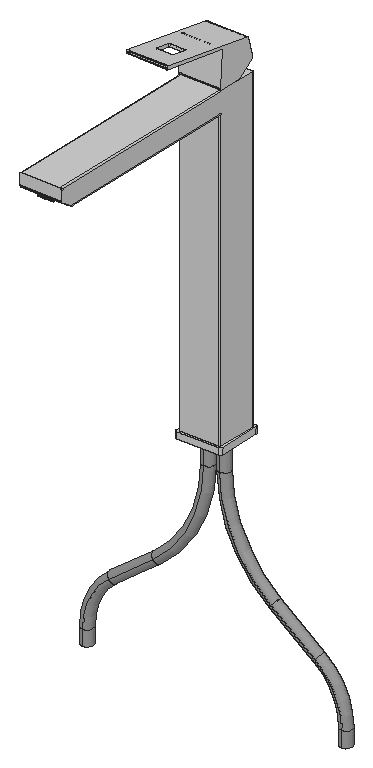
Revit family "Plumbing_Fixtures_Grohe_Eurocube_OHM_Single_Lever_Basin_Mixer_(XL)_23406000-14-METRIC1", category Plumbing Fixtures, host Face, Revit 2014
Parameters
  _distributed by = "www.bimstore.co.uk"
  _current revision = 1  # constant formula
  _created by = "Connor Laing"  # constant formula
  _BIMspec_GUID = 0
  Width = 180 mm
  Waste Connection = no
  WarrantyStartDate [instance] = ""
  WarrantyGuarantorParts = ""
  WarrantyGuarantorLabor = ""
  WarrantyDurationUnit = "Years"  # constant formula
  WarrantyDurationParts = ""
  WarrantyDurationLabor = ""
  WarrantyDescription = ""
  WFU = 0
  Vent Connection = no
  URL = "www.grohe.com"
  TypeName = Model  # "Eurocube OHM - Single Lever Basin Mixer Extra Large Size - 2340600"
  Type Comments = Description  # "Single Lever Basin Mixer Extra Large Size"
  TagNumber = ""
  SpareParts = ""
  Size = ""
  Shape = ""
  SerialNumber [instance] = ""
  ReplacementCost = ""
  ReferencedStandard = ""
  ProductionYear = ""
  Percentage of Recycled Content = ""
  Name = Model  # "Eurocube OHM - Single Lever Basin Mixer Extra Large Size - 2340600"
  NBSReference = "45-35-70/371"  # constant formula
  NBSObjectName = "Washbasin taps"  # constant formula
  NBSNote = ""
  NBSDescription = "Water supply fittings for wash basins and troughs"  # constant formula
  ModelNumber = "23406000"  # constant formula
  Model = "Eurocube OHM - Single Lever Basin Mixer Extra Large Size - 2340600"  # constant formula
  Material = "Chrome"  # constant formula
  Manufacturer = "Grohe"  # constant formula
  Low Emitting Material = no
  LEED Credit = ""
  Keynote = "N13"
  InstallationDate [instance] = ""
  Height = 312 mm
  HWFU = 0
  HW Connection = yes
  Grade = ""
  Finish = "Chrome"  # constant formula
  Features = ""
  Faucet Material = Grohe-Chrome
  Extidentifier = ""
  ExpectedLife = 0
  DurationUnit = "Years"  # constant formula
  DocumentationTechnical = "http://cdn08.grohe.com/lib/1/tpi/1848158.pdf"
  DocumentationLiterature = "http://cdn08.grohe.com/lib/1/tpi/1848158.pdf"
  DocumentationInstallationGuide = "http://cdn08.grohe.com/lib/1/tpi/1852290.pdf"
  DocumentationCertificates = "http://www.grohe.com/mt/11170/bathroom/bathroom-faucets/eurocube/product-details/?product=23406-G318&color=000&material=23406000"
  Description = "Single Lever Basin Mixer Extra Large Size"  # constant formula
  Default Elevation = 600 mm
  CreatedOn = "August 2015"  # constant formula
  CreatedBy = "info-uk@grohe.com"  # constant formula
  Cost = 0
  Contact Grohe = "GROHE Limited, World Business Centre 2, Newall Road, London Heathrow Airport, Hounslow, Middlesex, TW6 2SF - Tel: +44 (0) 871 200 3414 - Fax: +44 (0) 871 200 3415 - EMail: info-uk@grohe.com"  # constant formula
  Constituents = ""
  Color = "Chrome"  # constant formula
  CodePerformance = ""
  ClassificationValue = "Pr_40_20_87_98"  # constant formula
  ClassificationName = "Uniclass 2015"  # constant formula
  CWFU = 0
  CW Connection = yes
  BarCode [instance] = ""
  AssetType = "Fixed"  # constant formula
  AssetIdentifier [instance] = ""
  Assembly Code = "C1030220"
  AccessibilityPerformance = ""
Reference planes
  plane 1 "Center (Front/Back)": y = 0
  plane 2: z = 0
  plane 3 "Center (Left/Right)": x = 0
  plane 4: z = 0
  plane 5: z = 5
  plane 6: x = -19
  plane 7: x = 19
  plane 8: y = 19
  plane 9: y = -19
  plane 10: z = 247
  plane 11: z = 312
  plane 12: y = -180
Forms (mm)
  Sweep 1, solid, material "Grohe-Pipework"
    path in 3D
      loop
        line (6.875, 0, 0) -> (6.875, 0, -22.649)
        arc (6.875, 0, -22.649) -> (17.907, 0, -69.5) -> (48.684, 0, -106.506) r 105
        line (48.684, 0, -106.506) -> (84.804, 0, -133.724)
        arc (84.804, 0, -133.724) -> (100.926, 0, -153.108) -> (106.704, 0, -177.649) r 55
        line (106.704, 0, -177.649) -> (106.704, 0, -190.227)
    profile origin (6.875, 0, -11.324) x (0, -1, 0) y (1, 0, 0)
      loop
        circle (0, 0) r 4.75
  Sweep 2, solid, material "Grohe-Pipework"
    path in 3D
      loop
        line (-6.25, 0, 0) -> (-6.25, 0, -22.649)
        arc (-6.25, 0, -22.649) -> (-17.282, 0, -69.5) -> (-48.059, 0, -106.506) r 105
        line (-48.059, 0, -106.506) -> (-84.179, 0, -133.724)
        arc (-84.179, 0, -133.724) -> (-100.301, 0, -153.108) -> (-106.079, 0, -177.649) r 55
        line (-106.079, 0, -177.649) -> (-106.079, 0, -190.227)
    profile origin (-6.25, 0, -11.324) x (0, -1, 0) y (1, 0, 0)
      loop
        circle (0, 0) r 4.75
  Extrusion 3, solid, material "Grohe-Chrome" <- "Faucet Material"
    sketch origin (-84.72, -4572, 323.75) x (-1, 0, 0) y (0, -1, 0)
      loop
        arc (-67.72, -4591) -> (-66.306, -4590.414) -> (-65.72, -4589) r 2
        line (-65.72, -4589) -> (-65.72, -4555)
        arc (-65.72, -4555) -> (-66.306, -4553.586) -> (-67.72, -4553) r 2
        line (-67.72, -4553) -> (-101.72, -4553)
        arc (-101.72, -4553) -> (-103.135, -4553.586) -> (-103.72, -4555) r 2
        line (-103.72, -4555) -> (-103.72, -4589)
        arc (-103.72, -4589) -> (-103.135, -4590.414) -> (-101.72, -4591) r 2
        line (-101.72, -4591) -> (-67.72, -4591)
    from -323.75 to -318.75
  Extrusion 4, solid, material "Grohe-Chrome" <- "Faucet Material"
    sketch origin (-84.72, -4572, 323.75) x (-1, 0, 0) y (0, -1, 0)
      loop
        line (-100.72, -4589) -> (-68.72, -4589)
        arc (-68.72, -4589) -> (-68.013, -4588.707) -> (-67.72, -4588) r 1
        line (-67.72, -4588) -> (-67.72, -4556)
        arc (-67.72, -4556) -> (-68.013, -4555.293) -> (-68.72, -4555) r 1
        line (-68.72, -4555) -> (-100.72, -4555)
        arc (-100.72, -4555) -> (-101.427, -4555.293) -> (-101.72, -4556) r 1
        line (-101.72, -4556) -> (-101.72, -4588)
        arc (-101.72, -4588) -> (-101.427, -4588.707) -> (-100.72, -4589) r 1
    from -318.75 to -57.25
  Extrusion 5, solid, material "Grohe-Chrome" <- "Faucet Material"
    sketch origin (0, 0, 137.5) x (1, 0, 0) y (0, 0, 1)
      loop
        line (-17, 128) -> (-17, 112)
        arc (-17, 112) -> (-16.707, 111.293) -> (-16, 111) r 1
        line (-16, 111) -> (16, 111)
        arc (16, 111) -> (16.707, 111.293) -> (17, 112) r 1
        line (17, 112) -> (17, 128)
        arc (17, 128) -> (16.707, 128.707) -> (16, 129) r 1
        line (16, 129) -> (-16, 129)
        arc (-16, 129) -> (-16.707, 128.707) -> (-17, 128) r 1
    from 0 to 180
  Extrusion 6, void
    sketch origin (-138.469, -42.157, 137.5) x (0, 0, -1) y (0, -1, 0)
      loop
        arc (-117.73, 136.59) -> (-114.152, 131.753) -> (-111.104, 126.566) r 56.964
        arc (-111.104, 126.566) -> (-110.769, 125.672) -> (-110.655, 124.725) r 4
        line (-110.655, 124.725) -> (-110.655, 122.849) -> (-109, 122.849) -> (-109, 139.152) -> (-121.509, 139.152) -> (-121.509, 138.195)
        arc (-121.509, 138.195) -> (-119.423, 137.854) -> (-117.73, 136.59) r 4.452
    from -157.469 to -119.469
  Extrusion 7, solid, material "Grohe-Chrome" <- "Faucet Material"
    sketch origin (-138.469, 0, 136.25) x (0, 0, -1) y (0, -1, 0)
      loop
        arc (-142.238, -15.776) -> (-141.053, -15.729) -> (-140.102, -15.019) r 2
        line (-140.102, -15.019) -> (-131.069, -2.585)
        arc (-131.069, -2.585) -> (-130.785, -2.028) -> (-130.687, -1.41) r 2
        line (-130.687, -1.41) -> (-130.687, 15.77)
        arc (-130.687, 15.77) -> (-130.955, 16.38) -> (-131.586, 16.594) r 0.827
        line (-131.586, 16.594) -> (-159.519, 14.15)
        arc (-159.519, 14.15) -> (-159.969, 14.282) -> (-160.21, 14.684) r 0.644
        line (-160.21, 14.684) -> (-169.731, 70.538)
        arc (-169.731, 70.538) -> (-169.935, 70.863) -> (-170.31, 70.948) r 0.501
        line (-170.31, 70.948) -> (-171.472, 70.75)
        arc (-171.472, 70.75) -> (-171.819, 70.532) -> (-171.91, 70.132) r 0.535
        line (-171.91, 70.132) -> (-158.094, -10.924)
        arc (-158.094, -10.924) -> (-157.847, -11.43) -> (-157.367, -11.722) r 1
        line (-157.367, -11.722) -> (-142.238, -15.776)
    from -155.469 to -121.469
  Revolve 8, solid, material "Grohe-Chrome" <- "Faucet Material"
    sketch origin (0, 0, 137.5) x (1, 0, 0) y (0, 0, 1)
      loop
        line (0, 144) -> (0, 129) -> (15, 129)
        arc (15, 129) -> (10.607, 139.607) -> (0, 144) r 15
      axis (0, 144) -> (0, 129)
    angle from 0 to 360
  Extrusion 9, void
    sketch origin (-138.469, 11.556, 294.236) x (0, -0.985782, 0.168032) y (1, 0, 0)
      loop
        line (64.693, 145.469) -> (52.693, 145.469)
        arc (52.693, 145.469) -> (51.986, 145.176) -> (51.693, 144.469) r 1
        line (51.693, 144.469) -> (51.693, 132.469)
        arc (51.693, 132.469) -> (51.986, 131.762) -> (52.693, 131.469) r 1
        line (52.693, 131.469) -> (64.693, 131.469)
        arc (64.693, 131.469) -> (65.4, 131.762) -> (65.693, 132.469) r 1
        line (65.693, 132.469) -> (65.693, 144.469)
        arc (65.693, 144.469) -> (65.4, 145.176) -> (64.693, 145.469) r 1
    from -7.394 to 3.413
  Revolve 10, solid, material "Grohe-Chrome" <- "Faucet Material"
    sketch origin (0, -42.239, 137.367) x (0, 1, 0) y (0, 0, 1)
      loop
        line (-136.144, 118.531) -> (-137.43, 116.893) -> (-132.997, 113.41) -> (-131.824, 115.137) -> (-136.144, 118.531)
      axis (-131.61, 115.451) -> (-132.997, 113.41)
    angle from 0 to 360
Cuts and joins
  Extrusion 6 cuts Extrusion 5
  Extrusion 9 cuts Extrusion 7
  joined: Extrusion 3, Extrusion 4, Extrusion 5, Extrusion 7, Revolve 8, Revolve 10
Lines and regions (mm)
  sketch lines
    curve 1: line (6.875, 0, 0) -> (6.875, 0, -22.649)
    curve 2: arc (48.684, 0, -106.506) -> (17.907, 0, -69.5) -> (6.875, 0, -22.649) r 105
    curve 3: line (48.684, 0, -106.506) -> (84.804, 0, -133.724)
    curve 4: arc (106.704, 0, -177.649) -> (100.926, 0, -153.108) -> (84.804, 0, -133.724) r 55
    curve 5: line (106.704, 0, -177.649) -> (106.704, 0, -190.227)
    curve 6: line (-6.25, 0, 0) -> (-6.25, 0, -22.649)
    curve 7: arc (-48.059, 0, -106.506) -> (-17.282, 0, -69.5) -> (-6.25, 0, -22.649) r 105
    curve 8: line (-48.059, 0, -106.506) -> (-84.179, 0, -133.724)
    curve 9: arc (-106.079, 0, -177.649) -> (-100.301, 0, -153.108) -> (-84.179, 0, -133.724) r 55
    curve 10: line (-106.079, 0, -177.649) -> (-106.079, 0, -190.227)
Dimensions and locks
  equal spacing: plane 6, plane 3 "Center (Left/Right)", plane 7
  plane 6 to plane 7 = 38 mm
  equal spacing: plane 8, plane 1 "Center (Front/Back)", plane 9
  plane 8 to plane 9 = 38 mm
  plane 10 to host face = 247 mm
  plane 11 to host face = 312 mm
  plane 1 "Center (Front/Back)" to plane 12 = 180 mm
  aligned and locked: plane 2 to host face
  aligned and locked: level to host face
  aligned and locked: Revolve 8 sketch curve to plane 3 "Center (Left/Right)"
Automatic sketch dimensions
  host sketch curve to host sketch curve = 2438.4 mm  (x2)
  Sweep 1 sketch curve to profile plane = 0 mm
  profile plane to Sweep 1 sketch curve = 0 mm
  Sweep 2 sketch curve to profile plane = 0 mm
  profile plane to Sweep 2 sketch curve = 0 mm
  Extrusion 3 sketch curve to plane 7 = 0 mm
  Extrusion 3 sketch curve to plane 8 = 0 mm
  Extrusion 3 sketch curve to plane 9 = 0 mm
  Extrusion 3 sketch curve to plane 6 = 0 mm
  Extrusion 3 sketch curve to Extrusion 3 sketch curve = 2 mm
  Extrusion 3 sketch curve to plane 7 = 2 mm
  Extrusion 3 sketch curve to plane 6 = 2 mm  (x2)
  Extrusion 4 sketch curve to plane 7 = 2 mm
  Extrusion 4 sketch curve to Extrusion 4 sketch curve = 1 mm  (x3)
  Extrusion 4 sketch curve to plane 8 = 2 mm
  Extrusion 4 sketch curve to plane 6 = 3 mm  (x2)
  plane 9 to Extrusion 4 sketch curve = 3 mm
  Extrusion 5 sketch curve to plane 6 = 2 mm
  Extrusion 5 sketch curve to Extrusion 5 sketch curve = 1 mm  (x2)
  Extrusion 5 sketch curve to plane 7 = 3 mm  (x2)
  Extrusion 5 sketch curve to plane 7 = 2 mm
  Extrusion 5 sketch curve to Extrusion 5 sketch curve = 16 mm
  Extrusion 7 sketch curve to Extrusion 7 sketch curve = 0.09 mm  (x2)
  Extrusion 7 sketch curve to Extrusion 7 sketch curve = 1.163 mm
  Extrusion 7 sketch curve to Extrusion 7 sketch curve = 0.084 mm  (x2)
  Extrusion 7 sketch curve to Extrusion 7 sketch curve = 0.494 mm
  plane 9 to Extrusion 7 sketch curve = 4.316 mm
  Extrusion 7 sketch curve to Extrusion 7 sketch curve = 0.635 mm
  plane 9 to Extrusion 7 sketch curve = 4.85 mm
  Extrusion 7 sketch curve to Extrusion 7 sketch curve = 0.056 mm
  Extrusion 7 sketch curve to plane 8 = 7.278 mm
  Extrusion 7 sketch curve to Extrusion 7 sketch curve = 0.727 mm
  Extrusion 7 sketch curve to Extrusion 7 sketch curve = 0.259 mm
  Extrusion 7 sketch curve to plane 8 = 3.224 mm
  Extrusion 7 sketch curve to Extrusion 7 sketch curve = 15.128 mm
  Extrusion 7 sketch curve to Extrusion 7 sketch curve = 0.518 mm
  Extrusion 7 sketch curve to plane 8 = 3.981 mm
  Extrusion 7 sketch curve to Extrusion 7 sketch curve = 1.618 mm  (x2)
  Extrusion 7 sketch curve to plane 1 "Center (Front/Back)" = 1.41 mm
  Extrusion 7 sketch curve to Extrusion 7 sketch curve = 9.034 mm
  plane 9 to Extrusion 7 sketch curve = 2.406 mm
  Extrusion 7 sketch curve to Extrusion 7 sketch curve = 1.101 mm
  Extrusion 7 sketch curve to Extrusion 7 sketch curve = 0.072 mm
  Extrusion 7 sketch curve to plane 1 "Center (Front/Back)" = 2.585 mm
  Extrusion 7 sketch curve to Extrusion 7 sketch curve = 0.798 mm
  Extrusion 7 sketch curve to plane 9 = 51.132 mm
  Extrusion 7 sketch curve to Extrusion 7 sketch curve = 0.231 mm
  Revolve 8 sketch curve to plane 3 "Center (Left/Right)" = 0 mm
  Revolve 8 sketch curve to plane 7 = 4 mm
  Revolve 8 sketch curve to level = 472.1 mm
  Extrusion 7 to Extrusion 9 sketch curve = 11 mm
  Extrusion 7 to Extrusion 9 sketch curve = 31.174 mm
  Extrusion 9 sketch curve to Extrusion 9 sketch curve = 1 mm  (x3)
  Extrusion 9 sketch curve to Extrusion 9 sketch curve = 12 mm  (x2)
  Extrusion 9 sketch curve to Extrusion 9 sketch curve = 0 mm
  Revolve 10 sketch curve to Revolve 10 sketch curve = 1.287 mm
  Revolve 10 sketch curve to Revolve 10 sketch curve = 1.727 mm
  Revolve 10 sketch curve to Revolve 10 sketch curve = 0.162 mm
  Revolve 10 sketch curve to Revolve 10 sketch curve = 0.239 mm
  Revolve 10 sketch curve to Revolve 10 sketch curve = 46.327 mm
  Extrusion 5 sketch curve to plane 5 = 243.5 mm
  plane 10 to Extrusion 7 sketch curve = 61.16 mm
  Extrusion 7 sketch curve to plane 9 = 51.75 mm
  Extrusion 7 sketch curve to Extrusion 7 sketch curve = 11.172 mm
  Extrusion 7 sketch curve to Extrusion 7 sketch curve = 1.426 mm
  plane 10 to Revolve 8 sketch curve = 19.5 mm
  plane 10 to Revolve 8 sketch curve = 2499.558 mm
  Revolve 10 sketch curve to plane 5 = 245.777 mm
  Revolve 10 sketch curve to plane 9 = 160.669 mm
  Revolve 10 sketch curve to Revolve 10 sketch curve = 4.433 mm
  Revolve 10 sketch curve to Revolve 10 sketch curve = 1.173 mm
  Revolve 10 sketch curve to Revolve 10 sketch curve = 31.471 mm
  plane 12 to Extrusion 6 sketch curve = 0.353 mm
  Extrusion 6 sketch curve to plane 11 = 12.827 mm
  Extrusion 6 sketch curve to plane 12 = 4.085 mm
  plane 10 to Extrusion 6 sketch curve = 11.664 mm
  plane 10 to Extrusion 6 sketch curve = 5.155 mm
  plane 10 to Extrusion 6 sketch curve = 1.155 mm
  Extrusion 6 sketch curve to plane 10 = 0.5 mm
  Extrusion 6 sketch curve to plane 12 = 13.118 mm
  Extrusion 6 sketch curve to Extrusion 6 sketch curve = 1.876 mm
  Extrusion 6 sketch curve to plane 12 = 37.5 mm
  Extrusion 6 sketch curve to Extrusion 6 sketch curve = 0.956 mm
  Extrusion 6 sketch curve to Extrusion 6 sketch curve = 0 mm
  radius of Sweep 1 sketch curve = 4.75 mm
  radius of Sweep 2 sketch curve = 4.75 mm
Connectors
  piping at (-106.079, 0, -190.227), diameter 10
    settings: on Sweep 2, index 3, connector inside diameter 0.3937", connector length 0 mm, flow factor 0, pipe flow 0 GPM, pressure drop 3.00 psi, fitting loss kfactor 0, connector angle 0.00°, fixture units 0, engagement length 0 mm, angle of deflection 0.00°, flow configuration 0, flow direction 1, fitting loss method 4, system type 19, joint type 0, gender type 0, connector reference index -1, connector utility 0, adjustable connector no, is connector primary yes, connector description ""
  piping at (106.704, 0, -190.227), diameter 10
    settings: on Sweep 1, index 4, connector inside diameter 0.3937", connector length 0 mm, flow factor 0, pipe flow 0 GPM, pressure drop 3.00 psi, fitting loss kfactor 0, connector angle 0.00°, fixture units 0, engagement length 0 mm, angle of deflection 0.00°, flow configuration 0, flow direction 1, fitting loss method 4, system type 20, joint type 0, gender type 0, connector reference index -1, connector utility 0, adjustable connector no, is connector primary no, connector description ""
